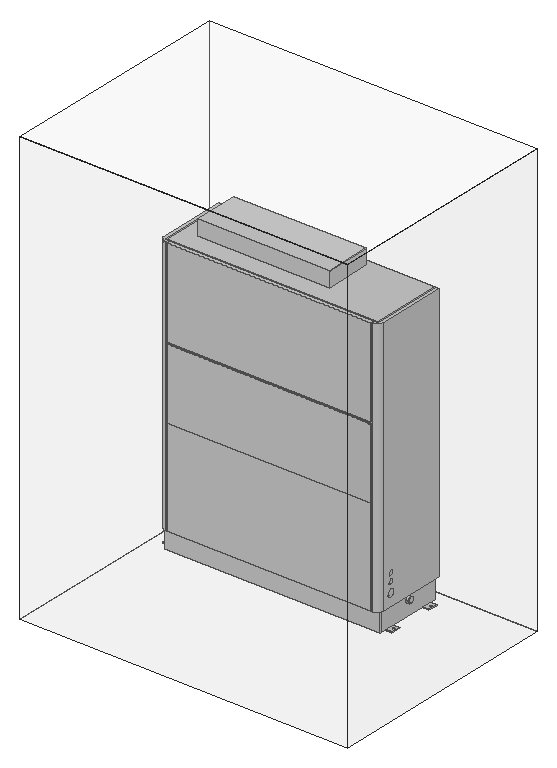
Revit family "kfh(v)(rf)-p2_10a(1)_50Hz", category 機械設備, Revit 2019
Family settings
  丸型コネクタ寸法 = 直径を使用
  パーツ タイプ = 標準
  OmniClass 番号 = 23.75.10.24.21.27.27
  OmniClass タイトル = Split System Air Conditioning Units
  作業面ベース = いいえ
  常に垂直 = はい
  ロード時にボイドで切り取り = いいえ
  共有 = いいえ
  部屋計算ポイント = いいえ
Parameters (values of type "KFH-P10A1")
  風量（m3／min） = 90
  風量 = MAX風量  # 5400 m³/h
  音響パワーレベル(dB) = 62.5
  電源高 = 210.00 mm
  電源種別 = ""
  電源幅 = 710.00 mm
  電源奥 = 389.00 mm
  電圧_電気ヒーター = 0 V
  電圧 = 200 V
  電動機出力_送風機 = 1.5 kW
  電動機出力_圧縮機 = 7.5 kW
  除湿量 = 24.2
  配管高さ = 161.00 mm
  配管接続2 = no
  配管接続1 = no
  配管奥行 = 107.00 mm
  運転質量 = 0.00 kg
  連動 = ""
  質量 = if(製品質量 > 運転質量, 製品質量, 運転質量) * 1.2  # 339.60 kg
  負荷分類 = 3_ファン類
  説明 = "産業用除湿機 産業用 除湿専用形 床置き"
  設計暖房能力 [instance] = 0 kW
  設計冷房能力_顕熱 [instance] = 0 kW
  設計冷房能力 [instance] = 0 kW
  設置方法 = "床置形"
  記号 [instance] = ""
  製造元 = "三菱電機株式会社"
  製品質量 = 283.00 kg
  製品出荷対象 = "国内"
  製品リリース年月 = "2016/7/1"
  製品グループ = ""
  給気1 = yes
  系統 [instance] = ""
  符号 = "ACC"
  積算_科目 = "1 空気調和設備"
  積算_拾い区分 [instance] = ""
  相_電気ヒーター = 1
  相 = 3
  盤記号 [instance] = ""
  発停方法 = "付属スイッチ"
  特殊仕様 [instance] = ""
  火災停止 = ""
  消費電力_電気ヒーター = 0 kW
  消費電力_暖房 = 0 kW
  消費電力_加湿器 = 0 kW
  消費電力_冷房 = 0 kW
  消費電力 = 9.3 kW
  法定耐用年数 = "15"
  機械基礎質量 [instance] = 0.00 kg
  機械基礎_W = 0.00 mm
  機械基礎_H = 0.00 mm
  機械基礎_D = 0.00 mm
  機械基礎 [instance] = no
  機外静圧 = 0.0 Pa
  極数 = 3
  材質 [instance] = ""
  本体マテリアル = none
  有効加湿量 = 0
  最大電流値 = 0 A
  暖房能力 = 0 kW
  推奨ブレーカー容量 = 0 A
  据付-W = 1454.00 mm
  据付-D = 300.00 mm
  形式_加湿器 = ""
  形式 = "床置き除湿専用形"
  形名 = KFH(RF)-P10A1 : KFH-P10A1
  幹線記号 [instance] = ""
  始動方式 = "直入"
  呼称 = "産業用除湿機"
  周波数 = 50 Hz
  吸込口-高2 = 0.00 mm
  吸込口-高1 = 558.00 mm
  吸込口-高 = 460.00 mm
  吸込口-幅 = 1320.00 mm
  台数_手元リモコン [instance] = ""
  台数_冷媒分岐ユニット [instance] = ""
  参照している仕様書等のバージョン = ""
  加湿給水管径 = 0.00 mm
  前吸込-高さ位置 = 755.00 mm
  分類コード = "50059003100000"
  分類グループ = ""
  冷房能力 = 0 kW
  冷媒高低圧ガス管径 = 0.00 mm
  冷媒管径符号 = ""
  冷媒管径 = 100.00 mm
  冷媒液管径 = 0.00 mm
  冷媒ガス管径 = 0.00 mm
  価格 = 0
  企業コード = "108420"
  付属品_フィルター = ""
  付属品 [instance] = ""
  仕様書バージョン = "Version1.0"
  モデル = "KFH-P10A1"
  ドレン管径 = 42.70 mm
  ドレン2-高さ = 630.00 mm
  ドレン2-奥行 = 107.00 mm
  ドレン-高さ = 102.00 mm
  ドレン-幅 = 718.00 mm
  ドレン-奥行 = 235.00 mm
  ドレン(no.2)-高さ = 630.00 mm
  ドレン(no.2)-径 = 42.70 mm
  ドレン(no.2)-奥行 = 107.00 mm
  サービススペース = yes
  コメント [instance] = ""
  Keynote = ""
  Width = 1420.00 mm
  Version = ""
  Uniclass2015Version = "Systems v1.9"
  Uniclass2015Title = "Air handling units"
  Uniclass2015Code = "Pr_60_65_03_86"
  URL = "https://www.mitsubishielectric.co.jp/ldg/wink/qr/002/268673/"
  S寸法 = 0.00 mm
  SpecificationReference = ""
  SpecificationDescription = ""
  Revision = ""
  ProductInformation = ""
  OmniClassCode = "23-33-25 00"
  MAX風量 = 風量（m3／min） * 60 m³/h  # 5400 m³/h
  IfcTypeProduct = ""
  IfcProduct = ""
  IfcExportType = "AIRHANDLER"
  IfcExportAs = "IfcUnitaryEquipmentType"
  Height = 1800.00 mm
  Depth = 485.00 mm
  Clearance Top = 1000.00 mm
  Clearance Right = 600.00 mm
  Clearance Left = 100.00 mm
  Clearance Front = 1000.00 mm
  Clearance Back = 50.00 mm
  COP = 0
  Author = "三菱電機株式会社"
Types (10, lengths in mm): name | 風量（m3／min） | 風量 | 音響パワーレベル(dB) | 電源高 | 電源幅 | 電源奥 | 電動機出力_送風機 | 電動機出力_圧縮機 | 除湿量 | 配管接続2 | 配管接続1 | 配管奥行 | 質量 | 説明 | 製品質量 | 製品リリース年月 | 給気1 | 消費電力 | 据付-W | 据付-D | 形式 | 形名 | 吸込口-高 | 吸込口-幅 | 前吸込-高さ位置 | 冷媒管径符号 | 冷媒液管径 | 冷媒ガス管径 | モデル | ドレン管径 | ドレン2-高さ | ドレン2-奥行 | ドレン-高さ | ドレン-幅 | ドレン-奥行 | ドレン(no.2)-高さ | ドレン(no.2)-径 | ドレン(no.2)-奥行 | Width | URL | MAX風量 | Height | Depth | Clearance Back
  KFH-P3A1 | 25 | 1500 m³/h | 49 | 130.00 | 320.00 | 385.00 | 0.2 kW | 2.2 kW | 7.1 | no | no | 107.00 | 162.00 kg | "産業用除湿機 産業用 除湿専用形 床置き" | 135.00 kg | "2016/7/1" | no | 2.1 kW | 674.00 | 170.00 | "床置き除湿専用形" | KFH(RF)-P2,3A1 : KFH-P3A1 | 420.00 | 430.00 | 616.00 | "" | 0.00 | 0.00 | "KFH-P3A1" | 34.00 | 505.00 | 92.00 | 30.00 | 333.00 | 235.00 | 505.00 | 34.00 | 92.00 | 640.00 | "https://www.mitsubishielectric.co.jp/ldg/wink/qr/002/268669/" | 1500 m³/h | 1550.00 | 485.00 | 50.00
  KFH-P5A1 | 70 | 4200 m³/h | 61 | 130.00 | 490.00 | 385.00 | 0.64 kW | 3.7 kW | 14.6 | no | no | 107.00 | 228.00 kg | "産業用除湿機 産業用 除湿専用形 床置き" | 190.00 kg | "2016/7/1" | no | 4.1 kW | 430.00 | 170.00 | "床置き除湿専用形" | KFH(RF)-P5A1 : KFH-P5A1 | 420.00 | 870.00 | 616.00 | "" | 0.00 | 0.00 | "KFH-P5A1" | 34.00 | 505.00 | 92.00 | 30.00 | 512.00 | 235.00 | 505.00 | 34.00 | 92.00 | 980.00 | "https://www.mitsubishielectric.co.jp/ldg/wink/qr/002/268671/" | 4200 m³/h | 1650.00 | 485.00 | 50.00
  KFHV-P7A | 86 | 5160 m³/h | 64 | 121.00 | 600.00 | 346.00 | 0.64 kW | 5.2 kW | 20.8 | no | no | 107.00 | 303.60 kg | "産業用除湿機 産業用 除湿専用形 床置き" | 253.00 kg | "2019/11/26" | no | 6 kW | 430.00 | 170.00 | "床置き除湿専用形" | KFHV-P7_9A : KFHV-P7_9A | 420.00 | 1090.00 | 778.00 | "" | 0.00 | 0.00 | "KFHV-P7A" | 42.70 | 601.00 | 108.00 | 26.00 | 622.00 | 236.00 | 601.00 | 42.70 | 108.00 | 1200.00 | "https://www.mitsubishielectric.co.jp/ldg/wink/qr/002/303916/" | 5160 m³/h | 1883.00 | 484.00 | 0.00
  KFHV-P9A | 86 | 5160 m³/h | 64 | 121.00 | 600.00 | 346.00 | 0.64 kW | 7.1 kW | 26.1 | no | no | 107.00 | 303.60 kg | "産業用除湿機 産業用 除湿専用形 床置き" | 253.00 kg | "2019/11/26" | no | 8.7 kW | 430.00 | 170.00 | "床置き除湿専用形" | KFHV-P7_9A : KFHV-P7_9A | 420.00 | 1090.00 | 778.00 | "" | 0.00 | 0.00 | "KFHV-P9A" | 42.70 | 601.00 | 108.00 | 26.00 | 622.00 | 236.00 | 601.00 | 42.70 | 108.00 | 1200.00 | "https://www.mitsubishielectric.co.jp/ldg/wink/qr/002/303918/" | 5160 m³/h | 1883.00 | 484.00 | 0.00
  KFH-P10A1 | 90 | 5400 m³/h | 62.5 | 210.00 | 710.00 | 389.00 | 1.5 kW | 7.5 kW | 24.2 | no | no | 107.00 | 339.60 kg | "産業用除湿機 産業用 除湿専用形 床置き" | 283.00 kg | "2016/7/1" | yes | 9.3 kW | 1454.00 | 300.00 | "床置き除湿専用形" | KFH(RF)-P10A1 : KFH-P10A1 | 460.00 | 1320.00 | 755.00 | "" | 0.00 | 0.00 | "KFH-P10A1" | 42.70 | 630.00 | 107.00 | 102.00 | 718.00 | 235.00 | 630.00 | 42.70 | 107.00 | 1420.00 | "https://www.mitsubishielectric.co.jp/ldg/wink/qr/002/268673/" | 5400 m³/h | 1800.00 | 485.00 | 50.00
  RF-P5A1 | 70 | 4200 m³/h | 61 | 130.00 | 490.00 | 385.00 | 0.64 kW | 3.7 kW | 14.2 | yes | no | 104.00 | 256.80 kg | "産業用除湿機 産業用 冷却機能付形 床置き" | 214.00 kg | "2016/7/1" | no | 4.3 kW | 430.00 | 170.00 | "床置き冷却機能付形" | KFH(RF)-P5A1 : RF-P5A1 | 420.00 | 870.00 | 616.00 | "Cd" | 12.70 | 15.88 | "RF-P5A1" | 34.00 | 505.00 | 92.00 | 30.00 | 512.00 | 235.00 | 505.00 | 34.00 | 92.00 | 980.00 | "https://www.mitsubishielectric.co.jp/ldg/wink/qr/002/268681/" | 4200 m³/h | 1650.00 | 485.00 | 50.00
  RF-P2A1 | 22 | 1320 m³/h | 52 | 130.00 | 320.00 | 385.00 | 0.06 kW | 1.5 kW | 5.5 | yes | no | 107.00 | 151.20 kg | "産業用除湿機 産業用 冷却機能付形 床置き" | 126.00 kg | "2016/7/1" | no | 1.6 kW | 674.00 | 170.00 | "床置き冷却機能付形" | KFH(RF)-P2,3A1 : RF-P2A1 | 420.00 | 430.00 | 616.00 | "Bc" | 9.52 | 12.70 | "RF-P2A1" | 34.00 | 505.00 | 92.00 | 30.00 | 333.00 | 235.00 | 505.00 | 34.00 | 92.00 | 640.00 | "https://www.mitsubishielectric.co.jp/ldg/wink/qr/002/268677/" | 1320 m³/h | 1550.00 | 485.00 | 50.00
  RF-P3A1 | 25 | 1500 m³/h | 49 | 130.00 | 320.00 | 385.00 | 0.2 kW | 2.2 kW | 7.8 | yes | no | 107.00 | 181.20 kg | "産業用除湿機 産業用 冷却機能付形 床置き" | 151.00 kg | "2016/7/1" | no | 2.2 kW | 430.00 | 170.00 | "床置き冷却機能付形" | KFH(RF)-P2,3A1 : RF-P3A1 | 420.00 | 430.00 | 616.00 | "Bc" | 9.52 | 12.70 | "RF-P3A1" | 34.00 | 505.00 | 92.00 | 30.00 | 333.00 | 235.00 | 505.00 | 34.00 | 92.00 | 640.00 | "https://www.mitsubishielectric.co.jp/ldg/wink/qr/002/268679/" | 1500 m³/h | 1550.00 | 485.00 | 50.00
  RF-P10A1 | 90 | 5400 m³/h | 62.5 | 210.00 | 710.00 | 389.00 | 1.5 kW | 7.5 kW | 21.1 | no | yes | 107.00 | 352.80 kg | "産業用除湿機 産業用 冷却機能付形 床置き" | 294.00 kg | "2016/7/1" | yes | 10.2 kW | 430.00 | 170.00 | "床置き冷却機能付形" | KFH(RF)-P10A1 : RF-P10A1 | 460.00 | 1320.00 | 755.00 | "De" | 15.88 | 19.05 | "RF-P10A1" | 42.70 | 630.00 | 107.00 | 102.00 | 718.00 | 235.00 | 630.00 | 42.70 | 107.00 | 1420.00 | "https://www.mitsubishielectric.co.jp/ldg/wink/qr/002/268683/" | 5400 m³/h | 1800.00 | 485.00 | 50.00
  KFH-P2A1 | 22 | 1320 m³/h | 52 | 130.00 | 320.00 | 385.00 | 0.06 kW | 1.5 kW | 5.5 | no | no | 107.00 | 136.80 kg | "産業用除湿機 産業用 除湿専用形 床置き" | 114.00 kg | "2016/7/1" | no | 1.4 kW | 674.00 | 170.00 | "床置き除湿専用形" | KFH(RF)-P2,3A1 : KFH-P2A1 | 420.00 | 430.00 | 616.00 | "" | 0.00 | 0.00 | "KFH-P2A1" | 34.00 | 505.00 | 92.00 | 30.00 | 333.00 | 235.00 | 505.00 | 34.00 | 92.00 | 640.00 | "https://www.mitsubishielectric.co.jp/ldg/wink/qr/002/268667/" | 1320 m³/h | 1550.00 | 485.00 | 50.00
Reference planes
  plane 1: z = 0
  plane 2: z = 1800
  plane 3: z = 0
  plane 4: z = 2800
  plane 5 "中心(正面/背面)": y = -242.5
  plane 6 "中心(左/右)": x = 0
  plane 7 "左": x = -710
  plane 8 "右": x = 710
  plane 9 "正面": y = -485
  plane 10 "背面": y = 0
  plane 11: y = 0
  plane 12: x = -710
  plane 13: y = -485
  plane 14: y = 50
  plane 15: y = -1485
  plane 16: x = -810
  plane 17: x = 1310
  plane 18 "unit_right": x = 710
  plane 19: x = 660
  plane 20: x = -660
  plane 21: y = -55
  plane 22: y = -355
  plane 23: x = 320
  plane 24: y = -389
  plane 25: z = 210
  plane 26: z = 755
  plane 27: x = 718
  plane 28: y = -235
  plane 29: z = 102
  plane 30: z = 1215
  plane 31: x = 544
  plane 32: z = 161
  plane 33: y = -107
  plane 34: z = 630
  plane 35: y = -107
  plane 36: z = 630
Forms (mm)
  Extrusion 1, solid
    sketch origin (710, 1041.25, 1200) x (0, 1, 0) y (0, 0, 1)
      loop
        circle (-1430.25, -990) r 21.5
    from 0 to -1
  Extrusion 2, solid
    sketch origin (718, -1524, 2438.4) x (0, 0, 1) y (0, -1, 0)
      loop
        circle (-2336.4, -1289) r 17
    from 0 to -1
  Extrusion 3, solid
    sketch origin (1480.036, -485, 1200) x (1, 0, 0) y (0, 0, 1)
      loop
        line (-2140.036, 15) -> (-2140.036, -445) -> (-820.036, -445) -> (-820.036, 15) -> (-2140.036, 15)
    from -4 to -5
  Extrusion 4, solid, visible <- "給気1"
    sketch origin (0, 0, 0) x (1, 0, 0) y (0, 1, 0)
      loop
        line (-583, -39) -> (-583, -334) -> (272, -334) -> (272, -39) -> (-583, -39)
    from 1895 to 1898
  Extrusion 5, solid, visible <- "配管接続1"
    sketch origin (710, 1041.25, 1200) x (0, 1, 0) y (0, 0, 1)
      loop
        circle (-1199.75, -975) r 50
    from 0 to -100
  Extrusion 6, solid, visible <- "配管接続2"
    sketch origin (1480.036, -485, 1200) x (1, 0, 0) y (0, 0, 1)
      loop
        circle (-716.036, -1039) r 50
    from -278 to -378
  Extrusion 7, solid, not visible
    sketch origin (710, 1041.25, 1200) x (0, 1, 0) y (0, 0, 1)
      loop
        circle (-1148.25, -570) r 21.35
    from 0 to -3
Dimensions and locks
  "Height": plane 2 to plane 3
  "Clearance Top": plane 4 to plane 2
  "機械基礎_H": plane 3 to plane 1
  equal spacing: plane 7 "左", plane 6 "中心(左/右)", plane 8 "右"
  "Width": plane 7 "左" to plane 8 "右"
  equal spacing: plane 9 "正面", plane 5 "中心(正面/背面)", plane 10 "背面"
  "Depth": plane 9 "正面" to plane 10 "背面"
  "S寸法": plane 10 "背面" to plane 11
  "S寸法": plane 13 to plane 9 "正面"
  "S寸法": plane 12 to plane 7 "左"
  "Clearance Left": plane 16 to plane 7 "左"
  "Clearance Right": plane 8 "右" to plane 17
  "Clearance Front": plane 15 to plane 9 "正面"
  "Clearance Back": plane 10 "背面" to plane 14
  "S寸法": plane 8 "右" to plane 18 "unit_right"
  "据付-D": plane 22 to plane 21
  "電源幅": plane 18 "unit_right" to plane 6 "中心(左/右)"
  "電源高": plane 25 to level
  "電源奥": plane 24 to plane 11
  "前吸込-高さ位置": plane 26 to level
  "ドレン-幅": plane 27 to plane 6 "中心(左/右)"
  "ドレン-奥行": plane 28 to plane 11
  "ドレン-高さ": plane 29 to level
  "吸込口-高": plane 30 to plane 26
  equal spacing: plane 20, plane 6 "中心(左/右)", plane 19
  "吸込口-幅": plane 20 to plane 19
  Extrusion 4 sketch curve to Extrusion 4 sketch curve to plane 11 = 295.00 mm, 39.00 mm
  plane 12 to Extrusion 4 sketch curve to Extrusion 4 sketch curve = 127.00 mm, 855.00 mm
  Extrusion 5 sketch curve to level = 225.00 mm
  Extrusion 5 sketch curve to plane 11 = 158.50 mm
  "配管高さ": Extrusion 6 sketch curve to plane 3
  Extrusion 6 sketch curve to plane 18 "unit_right" = 54.00 mm
  "配管奥行": plane 33 to plane 11
  "ドレン(no.2)-奥行": plane 35 to plane 11
  "ドレン(no.2)-高さ": plane 36 to level
  "ドレン(no.2)-径": diameter of Extrusion 7 sketch curve
  aligned and locked: level to plane 1
  aligned and locked: plane 6 "中心(左/右)" to nested 1
  aligned and locked: plane 5 "中心(正面/背面)" to nested 1
  aligned and locked: plane 4 to nested 2
  aligned and locked: plane 15 to nested 2
  aligned and locked: nested 2 to plane 16
  aligned and locked: plane 17 to nested 2
  aligned and locked: nested 2 to plane 14
  aligned and locked: plane 25 to Extrusion 1 sketch curve
  aligned and locked: plane 24 to Extrusion 1 sketch curve
  aligned and locked: Extrusion 3 sketch curve to plane 30
  aligned and locked: Extrusion 3 sketch curve to plane 20
  aligned and locked: plane 19 to Extrusion 3 sketch curve
  aligned and locked: Extrusion 6 to plane 33
  aligned and locked: plane 36 to Extrusion 7 sketch curve
  aligned and locked: plane 35 to Extrusion 7 sketch curve
Automatic sketch dimensions
  Extrusion 1 sketch curve to plane 25 = 0.00 mm  (x2)
  plane 24 to Extrusion 1 sketch curve = 21.50 mm
  Extrusion 2 sketch curve to plane 28 = 0.00 mm
  plane 29 to Extrusion 2 sketch curve = 0.00 mm
  Extrusion 3 sketch curve to plane 26 = 0.00 mm
  radius of Extrusion 2 sketch curve = 17.00 mm
  radius of Extrusion 5 sketch curve = 50.00 mm
  radius of Extrusion 6 sketch curve = 50.00 mm
Nested families
  nested 1: "KFH(RF)-P10A1" at (0, -242.5, 0), type <- "形名", マテリアル1 <- "本体マテリアル", type "KFH-P10A1"
  nested 2: "サービススペース(kfh-a1)" at (250, -717.5, 1400), visible <- "サービススペース", type "サービススペース(kfh-a1)"
    with Width 2120.00 mm, Height 2800.00 mm, Depth 1535.00 mm
Connectors
  electrical at (710, -389, 210), driven by "極数", driven by "負荷分類", driven by "電圧", driven by "消費電力"
    settings: on Extrusion 1, index 23, voltage 200 V, apparent load 9300 VA, apparent load phase1 0 VA, apparent load phase2 0 VA, apparent load phase3 0 VA, power factor 1, load classification "3_ファン類", number of poles 3, system type 30, power factor state 1, is connector primary yes, connector utility no, sub classification motor no, connector description ""
  piping at (718, -235, 102), diameter 34
    settings: on Extrusion 2, index 29, connector inside diameter 609.60 mm, connector length 0.00 mm, flow factor 0, pipe flow 0.0 L/s, pressure drop 0.0 Pa, fitting loss kfactor 0, connector angle 0.00°, fixture units 0, engagement length 0.00 mm, angle of deflection 0.00°, flow configuration 1, flow direction 2, fitting loss method 4, system type 16, joint type 0, gender type 0, connector reference index -1, connector utility 0, adjustable connector no, is connector primary yes, connector description ""
  hvac at (0, -481, 985), driven by "吸込口-高", driven by "吸込口-幅", driven by "風量"
    settings: on Extrusion 3, index 30, duct flow 5400 m³/h, flow factor 0, pres drop 0.0 Pa, loss coef 0, conn angle 0.00°, conn width 1320 mm, conn height 460 mm, conn diameter 609.6 mm, duct sys type 29, conn prof type 1, flow config 0, flow direction 1, loss method 4, conn ref index -1, conn util no, is conn primary yes, conn desc ""
  hvac at (-155.5, -186.5, 1898), driven by "風量", driven by "機外静圧"
    settings: on Extrusion 4, index 31, duct flow 5400 m³/h, flow factor 0, pres drop 0.0 Pa, loss coef 0, conn angle 0.00°, conn width 855 mm, conn height 296 mm, conn diameter 609.6 mm, duct sys type 29, conn prof type 1, flow config 0, flow direction 2, loss method 4, conn ref index -1, conn util no, is conn primary no, conn desc ""
  piping at (764, -107, 161), diameter 100, driven by "冷媒管径符号", driven by "冷媒管径"
    settings: on Extrusion 6, index 33, connector inside diameter 609.60 mm, connector length 0.00 mm, flow factor 0, pipe flow 0.0 L/s, pressure drop 0.0 Pa, fitting loss kfactor 0, connector angle 0.00°, fixture units 0, engagement length 0.00 mm, angle of deflection 0.00°, flow configuration 1, flow direction 1, fitting loss method 4, system type 7, joint type 0, gender type 0, connector reference index -1, connector utility 0, adjustable connector no, is connector primary no, connector description ""
  piping at (710, -158.5, 225), diameter 100, driven by "冷媒管径符号", driven by "冷媒管径"
    settings: on Extrusion 5, index 34, connector inside diameter 609.60 mm, connector length 0.00 mm, flow factor 0, pipe flow 0.0 L/s, pressure drop 0.0 Pa, fitting loss kfactor 0, connector angle 0.00°, fixture units 0, engagement length 0.00 mm, angle of deflection 0.00°, flow configuration 1, flow direction 1, fitting loss method 4, system type 7, joint type 0, gender type 0, connector reference index -1, connector utility 0, adjustable connector no, is connector primary no, connector description ""
  piping at (710, -107, 630), diameter 42.7, driven by "ドレン管径"
    settings: on Extrusion 7, index 35, connector inside diameter 609.60 mm, connector length 0.00 mm, flow factor 0, pipe flow 0.0 L/s, pressure drop 0.0 Pa, fitting loss kfactor 0, connector angle 0.00°, fixture units 0, engagement length 0.00 mm, angle of deflection 0.00°, flow configuration 1, flow direction 2, fitting loss method 4, system type 16, joint type 0, gender type 0, connector reference index -1, connector utility 0, adjustable connector no, is connector primary no, connector description ""
Definition of nested family "KFH(RF)-P10A1"
  Parameters (values of type "RF-P10A1")
    高 = 1800.00 mm
    表示 [instance] = yes
    据付穴-幅 = 1454.00 mm
    据付穴-奥行 = 300.00 mm
    据付 = 1482.00 mm
    幅 = 1420.00 mm
    奥行 = 485.00 mm
    土台-幅 = 1392.00 mm
    冷媒配管 = yes
    マテリアル2 [instance] = none
    マテリアル1 [instance] = none
  Types (2, lengths in mm): name | 冷媒配管
    KFH-P10A1 | no
    RF-P10A1 | yes
  Reference planes
    plane 1 "中心(正面/背面)": y = 0
    plane 2: z = 0
    plane 3 "中心(左/右)": x = 0
    plane 4: x = 710
    plane 5: x = -710
    plane 6: y = 242.5
    plane 7: y = -242.5
    plane 8: z = 1800
    plane 9: y = 157.5
    plane 10: y = -142.5
    plane 11: y = 187.5
    plane 12: y = 127.5
    plane 13: y = -112.5
    plane 14: y = -172.5
    plane 15: x = -741
    plane 16: x = 741
    plane 17: x = -727
    plane 18: x = 727
    plane 19: y = 7.5
    plane 20: y = 117.5
    plane 21: y = 135.5
    plane 22: x = -696
    plane 23: x = 696
    plane 24: y = 230.5
    plane 25: y = -216.5
    plane 26 "A-幅": x = -583
    plane 27 "A-幅右": x = 272
    plane 28 "A-奥行": y = 203.5
    plane 29 "A-奥行下": y = -92.5
    plane 30 "B_高さ2": z = 674
    plane 31 "B_高さ1": z = 919
    plane 32 "B_幅1": x = 673
    plane 33 "B_幅2": x = -673
    plane 34: z = 130
    plane 35: z = 755
    plane 36: z = 1225
    plane 37: z = 1898
    plane 38: z = 224
    plane 39: z = 226
    plane 40: y = 126.5
    plane 41: y = 41.5
  Forms (mm)
    Extrusion 1, solid, material <- "マテリアル1", visible <- "表示", detail levels fine
      sketch origin (0, 0, -400) x (1, 0, 0) y (0, 1, 0)
        loop
          line (660, -218.5) -> (-660, -218.5) -> (-660, -242.5) -> (660, -242.5) -> (660, -218.5)
      from 1625 to 2200
    Extrusion 2, solid, material <- "マテリアル1", visible <- "表示", detail levels fine
      sketch origin (0, 0, -800) x (1, 0, 0) y (0, 1, 0)
        loop
          line (-660, -242.5) -> (660, -242.5) -> (660, -218.5) -> (-660, -218.5) -> (-660, -242.5)
      from 1555 to 2015
    Extrusion 3, solid, material <- "マテリアル2", visible <- "表示", detail levels fine
      sketch origin (0, 0, 0) x (1, 0, 0) y (0, 1, 0)
        loop
          line (696, 187.5) -> (696, 127.5) -> (741, 127.5) -> (741, 187.5) -> (696, 187.5)
        loop
          line (696, -112.5) -> (696, -172.5) -> (741, -172.5) -> (741, -112.5) -> (696, -112.5)
        loop
          line (-741, 187.5) -> (-741, 127.5) -> (-696, 127.5) -> (-696, 187.5) -> (-741, 187.5)
        loop
          line (-741, -112.5) -> (-741, -172.5) -> (-696, -172.5) -> (-696, -112.5) -> (-741, -112.5)
        loop
          circle (-727, 157.5) r 6
        loop
          circle (727, 157.5) r 6
        loop
          circle (727, -142.5) r 6
        loop
          circle (-727, -142.5) r 6
      from 0 to 5
    Extrusion 4, solid, material <- "マテリアル1", visible <- "表示", detail levels fine
      sketch origin (-1437.329, -1524, 1748) x (-1, 0, 0) y (0, -1, 0)
        loop
          line (-727.329, -1766.5) -> (-727.329, -1321.5)
          arc (-727.329, -1321.5) -> (-739.045, -1293.216) -> (-767.329, -1281.5) r 40
          line (-767.329, -1281.5) -> (-777.329, -1281.5) -> (-777.329, -1305.5) -> (-752.329, -1305.5) -> (-752.329, -1766.5) -> (-727.329, -1766.5)
        loop
          line (-2122.329, -1766.5) -> (-2122.329, -1305.5) -> (-2097.329, -1305.5) -> (-2097.329, -1281.5) -> (-2107.329, -1281.5)
          arc (-2107.329, -1281.5) -> (-2135.614, -1293.216) -> (-2147.329, -1321.5) r 40
          line (-2147.329, -1321.5) -> (-2147.329, -1766.5) -> (-2122.329, -1766.5)
      from -1618 to 52
    Extrusion 5, solid, material <- "マテリアル1", visible <- "表示", detail levels fine
      sketch origin (-1437.329, -1524, 1748) x (-1, 0, 0) y (0, -1, 0)
        loop
          line (-2122.329, -1766.5) -> (-752.329, -1766.5) -> (-752.329, -1305.5) -> (-2122.329, -1305.5) -> (-2122.329, -1766.5)
      from -1618 to 52
    Extrusion 6, solid, material <- "マテリアル2", visible <- "表示", detail levels fine
      sketch origin (-1437.329, -1524, 1748) x (-1, 0, 0) y (0, -1, 0)
        loop
          line (-741.329, -1766.5) -> (-741.329, -1321.5)
          arc (-741.329, -1321.5) -> (-753.045, -1293.216) -> (-781.329, -1281.5) r 40
          line (-781.329, -1281.5) -> (-2093.329, -1281.5)
          arc (-2093.329, -1281.5) -> (-2121.614, -1293.216) -> (-2133.329, -1321.5) r 40
          line (-2133.329, -1321.5) -> (-2133.329, -1766.5) -> (-741.329, -1766.5)
      from -1748 to -1618
    Extrusion 7, solid, material <- "マテリアル1", visible <- "表示", detail levels fine
      sketch origin (0, 0, -1320) x (1, 0, 0) y (0, 1, 0)
        loop
          line (-660, -242.5) -> (660, -242.5) -> (660, -218.5) -> (-660, -218.5) -> (-660, -242.5)
      from 1450 to 2075
    Extrusion 8, solid, detail levels fine
      sketch origin (710, 1292.25, 1200) x (0, 1, 0) y (0, 0, 1)
        loop
          circle (-1438.75, -990) r 21.5
        loop
          circle (-1438.75, -925) r 13.5
        loop
          circle (-1438.75, -875) r 13.5
      from -1 to 0
    Extrusion 9, solid, detail levels fine
      sketch origin (696, -202.5, 1748) x (0, 1, 0) y (0, 0, 1)
        loop
          circle (210, -1646) r 17
      from 0 to 22
    Extrusion 10, solid, detail levels fine
      sketch origin (-696, 242.5, 1748) x (0, -1, 0) y (0, 0, 1)
        loop
          circle (235, -1646) r 19
      from 0 to 22
    Extrusion 11, solid, detail levels fine
      sketch origin (-705, 1296.25, 1200) x (0, 1, 0) y (0, 0, -1)
        loop
          circle (-1288.75, 1098) r 17
      from 13 to 16
    Extrusion 12, solid, detail levels fine
      sketch origin (-721, 1296.25, 1200) x (0, 1, 0) y (0, 0, -1)
        loop
          line (-1279.25, 1088.5) -> (-1279.25, 1107.5) -> (-1298.25, 1107.5) -> (-1298.25, 1088.5) -> (-1279.25, 1088.5)
      from 0 to 16
    Extrusion 13, void
      sketch origin (741, 1296.25, 2000) x (0, -1, 0) y (0, 0, 1)
        loop
          line (1538.75, -1870) -> (1512.75, -1870) -> (1512.75, -2000) -> (1538.75, -2000) -> (1538.75, -1870)
        loop
          line (1053.75, -1870) -> (1053.75, -2000) -> (1065.75, -2000) -> (1065.75, -1870) -> (1053.75, -1870)
      from 0 to 1482
    Extrusion 14, solid, detail levels fine
      sketch origin (0, 0, 1800) x (1, 0, 0) y (0, 1, 0)
        loop
          line (-583, 203.5) -> (-583, -92.5) -> (272, -92.5) -> (272, 203.5) -> (-583, 203.5)
      from 0 to 98
    Extrusion 15, solid, detail levels fine
      sketch origin (-710, 1292.25, 1200) x (0, 1, 0) y (0, 0, -1)
        loop
          circle (-1438.75, 990) r 21.5
        loop
          circle (-1438.75, 925) r 13.5
        loop
          circle (-1438.75, 875) r 13.5
      from -1 to 0
    Extrusion 16, solid, detail levels fine
      sketch origin (-710, 1296.25, 1200) x (0, 1, 0) y (0, 0, -1)
        loop
          circle (-1160.75, 570) r 21.35
      from -1 to 0
    Extrusion 17, solid, detail levels coarse+medium
      sketch origin (0, 0, 0) x (1, 0, 0) y (0, 1, 0)
        loop
          line (-710, 242.5) -> (-710, -242.5) -> (710, -242.5) -> (710, 242.5) -> (-710, 242.5)
      from 0 to 1898
    Extrusion 18, solid, visible <- "冷媒配管", detail levels fine
      sketch origin (710, 1296.25, 1200) x (0, 1, 0) y (0, 0, 1)
        loop
          circle (-1254.75, -976) r 7.94
        loop
          circle (-1169.75, -974) r 9.525
      from 0 to -1
    Extrusion 19, solid, detail levels fine
      sketch origin (635, -242.5, -400) x (-1, 0, 0) y (0, 0, -1)
        loop
          line (1295, -1615) -> (1295, -1155) -> (-25, -1155) -> (-25, -1615) -> (1295, -1615)
      from 0 to -1
  Cuts and joins
    Extrusion 13 cuts Extrusion 4
    Extrusion 13 cuts Extrusion 5
    Extrusion 13 cuts Extrusion 6
    Extrusion 13 cuts Extrusion 7
  Lines and regions (mm)
    Masking region 1, visible <- "表示", detail levels coarse+medium
      outline origin (0, 0, 0) x (1, 0, 0) y (0, 1, 0)
        loop
          line (-710, 242.5) -> (-710, -242.5) -> (710, -242.5) -> (710, 242.5) -> (-710, 242.5)
    symbolic lines, visible <- "表示"
      curve 1: line (-710, 242.5, 1748) -> (-710, -242.5, 1748)
      curve 2: line (-710, -242.5, 1748) -> (710, -242.5, 1748)
      curve 3: line (710, -242.5, 1748) -> (710, 242.5, 1748)
      curve 4: line (710, 242.5, 1748) -> (-710, 242.5, 1748)
    model lines, detail levels fine
      curve 5: line (660, -242.5, 1195) -> (-660, -242.5, 1195)
      curve 6: line (660, -242.5, 1175) -> (-660, -242.5, 1175)
      curve 7: line (660, -242.5, 1155) -> (-660, -242.5, 1155)
      curve 8: line (660, -242.5, 1135) -> (-660, -242.5, 1135)
      curve 9: line (660, -242.5, 1115) -> (-660, -242.5, 1115)
      curve 10: line (660, -242.5, 1095) -> (-660, -242.5, 1095)
      curve 11: line (660, -242.5, 1075) -> (-660, -242.5, 1075)
      curve 12: line (660, -242.5, 1055) -> (-660, -242.5, 1055)
      curve 13: line (660, -242.5, 1035) -> (-660, -242.5, 1035)
      curve 14: line (660, -242.5, 1015) -> (-660, -242.5, 1015)
      curve 15: line (660, -242.5, 995) -> (-660, -242.5, 995)
      curve 16: line (660, -242.5, 975) -> (-660, -242.5, 975)
      curve 17: line (660, -242.5, 955) -> (-660, -242.5, 955)
      curve 18: line (660, -242.5, 935) -> (-660, -242.5, 935)
      curve 19: line (660, -242.5, 915) -> (-660, -242.5, 915)
      curve 20: line (660, -242.5, 895) -> (-660, -242.5, 895)
      curve 21: line (660, -242.5, 875) -> (-660, -242.5, 875)
      curve 22: line (660, -242.5, 855) -> (-660, -242.5, 855)
      curve 23: line (660, -242.5, 835) -> (-660, -242.5, 835)
      curve 24: line (660, -242.5, 815) -> (-660, -242.5, 815)
      curve 25: line (660, -242.5, 795) -> (-660, -242.5, 795)
      curve 26: line (660, -242.5, 775) -> (-660, -242.5, 775)
      curve 27: line (-440, -242.5, 755) -> (-440, -242.5, 1215)
      curve 28: line (-220, -242.5, 755) -> (-220, -242.5, 1215)
      curve 29: line (0, -242.5, 1215) -> (0, -242.5, 755)
      curve 30: line (220, -242.5, 755) -> (220, -242.5, 1215)
      curve 31: line (440, -242.5, 755) -> (440, -242.5, 1215)
  Dimensions and locks
    equal spacing: plane 7, plane 1 "中心(正面/背面)", plane 6
    "奥行": plane 7 to plane 6
    equal spacing: plane 5, plane 3 "中心(左/右)", plane 4
    plane 5 to plane 4 = 1420.00 mm
    "高": plane 8 to level
    equal spacing: plane 4, plane 3 "中心(左/右)", plane 5
    "幅": plane 4 to plane 5
    equal spacing: plane 15, plane 3 "中心(左/右)", plane 16
    "据付": plane 15 to plane 16
    equal spacing: plane 17, plane 3 "中心(左/右)", plane 18
    "据付穴-幅": plane 17 to plane 18
    locked: plane 9 to plane 6 at 85
    equal spacing: plane 12, plane 9, plane 11
    equal spacing: plane 14, plane 10, plane 13
    "据付穴-奥行": plane 10 to plane 9
    plane 19 to Extrusion 6 = 235.00 mm
    "土台-幅": plane 23 to plane 22
    equal spacing: plane 23, plane 3 "中心(左/右)", plane 22
    plane 34 to level = 130.00 mm
    locked: plane 35 to plane 34 at 625
    locked: plane 36 to plane 35 at 470
    plane 38 to level = 224.00 mm
    plane 39 to level = 226.00 mm
    plane 41 to plane 40 = 85.00 mm
    plane 40 to Extrusion 17 = 116.00 mm
    radius of Extrusion 4 sketch curve = 40.00 mm  (x2)
    diameter of Extrusion 3 sketch curve = 12.00 mm  (x4)
    diameter of Extrusion 8 sketch curve = 43.00 mm
    diameter of Extrusion 8 sketch curve = 27.00 mm  (x2)
    diameter of Extrusion 10 sketch curve = 38.00 mm
    diameter of Extrusion 15 sketch curve = 43.00 mm
    diameter of Extrusion 15 sketch curve = 27.00 mm  (x2)
    diameter of Extrusion 16 sketch curve = 42.70 mm
    diameter of Extrusion 18 sketch curve = 19.05 mm
    diameter of Extrusion 18 sketch curve = 15.88 mm
    aligned and locked: level to plane 2
    aligned and locked: plane 8 to Extrusion 4
    aligned and locked: plane 8 to Extrusion 1
    aligned and locked: Extrusion 4 sketch curve to plane 7
    aligned and locked: Extrusion 5 sketch curve to plane 6
    aligned and locked: plane 8 to Extrusion 5
    aligned and locked: plane 9 to Extrusion 3 sketch curve  (x2)
    aligned and locked: plane 10 to Extrusion 3 sketch curve  (x2)
    aligned and locked: Extrusion 3 to level
    aligned and locked: Extrusion 6 sketch curve to Extrusion 5
    aligned and locked: Extrusion 6 to level
    aligned and locked: Masking region 1 sketch curve to Extrusion 6
    aligned and locked: Masking region 1 sketch curve to Extrusion 4
    aligned and locked: Masking region 1 sketch curve to plane 7
    aligned and locked: Masking region 1 sketch curve to plane 4
    aligned and locked: curve 4 to Masking region 1
    aligned and locked: Extrusion 3 sketch curve to plane 22  (x2)
    aligned and locked: plane 23 to Extrusion 3 sketch curve  (x2)
    aligned and locked: plane 28 "A-奥行" to Extrusion 14 sketch curve
    aligned and locked: plane 26 "A-幅" to Extrusion 14 sketch curve
    aligned and locked: Extrusion 14 sketch curve to plane 29 "A-奥行下"
    aligned and locked: Extrusion 14 sketch curve to plane 27 "A-幅右"
    aligned and locked: plane 35 to Extrusion 7
    aligned and locked: Extrusion 2 to plane 35
    aligned and locked: plane 13 to Extrusion 3 sketch curve
    aligned and locked: Extrusion 3 sketch curve to plane 14
    aligned and locked: Extrusion 1 to plane 36
    aligned and locked: plane 37 to Extrusion 14
    aligned and locked: plane 18 to nested 1
    aligned and locked: plane 17 to nested 1
    aligned and locked: nested 1 to plane 9
    aligned and locked: plane 10 to nested 1
  Automatic sketch dimensions
    plane 7 to Extrusion 1 sketch curve = 0.00 mm
    plane 25 to Extrusion 1 sketch curve = 2.00 mm
    Extrusion 1 sketch curve to plane 33 "B_幅2" = 13.00 mm
    plane 32 "B_幅1" to Extrusion 1 sketch curve = 13.00 mm
    plane 7 to Extrusion 2 sketch curve = 0.00 mm
    Extrusion 2 sketch curve to plane 33 "B_幅2" = 13.00 mm
    plane 25 to Extrusion 2 sketch curve = 2.00 mm
    plane 32 "B_幅1" to Extrusion 2 sketch curve = 13.00 mm
    plane 12 to Extrusion 3 sketch curve = 0.00 mm  (x2)
    Extrusion 3 sketch curve to plane 15 = 0.00 mm  (x2)
    Extrusion 3 sketch curve to plane 17 = 0.00 mm  (x2)
    Extrusion 3 sketch curve to plane 18 = 0.00 mm  (x2)
    plane 14 to Extrusion 3 sketch curve = 0.00 mm
    Extrusion 3 sketch curve to plane 16 = 0.00 mm  (x2)
    plane 13 to Extrusion 3 sketch curve = 0.00 mm
    plane 11 to Extrusion 3 sketch curve = 0.00 mm  (x2)
    curve 3 to plane 4 = 0.00 mm
    curve 2 to plane 5 = 0.00 mm
    plane 7 to curve 3 = 0.00 mm
    Extrusion 4 sketch curve to plane 4 = 0.00 mm
    plane 6 to Extrusion 4 sketch curve = 0.00 mm  (x2)
    plane 7 to Extrusion 4 sketch curve = 0.00 mm
    Extrusion 4 sketch curve to plane 5 = 0.00 mm
    plane 25 to Extrusion 4 sketch curve = 2.00 mm  (x2)
    Extrusion 4 sketch curve to plane 23 = 11.00 mm
    plane 32 "B_幅1" to Extrusion 4 sketch curve = 13.00 mm
    Extrusion 4 sketch curve to Extrusion 4 sketch curve = 10.00 mm
    plane 22 to Extrusion 4 sketch curve = 11.00 mm
    plane 25 to Extrusion 5 sketch curve = 2.00 mm
    Extrusion 5 sketch curve to plane 23 = 11.00 mm
    plane 22 to Extrusion 5 sketch curve = 11.00 mm
    Extrusion 6 sketch curve to plane 23 = 0.00 mm
    plane 7 to Extrusion 6 sketch curve = 0.00 mm
    Extrusion 6 sketch curve to plane 22 = 0.00 mm
    plane 32 "B_幅1" to Extrusion 6 sketch curve = 17.00 mm
    Extrusion 6 sketch curve to plane 33 "B_幅2" = 17.00 mm
    plane 7 to Extrusion 7 sketch curve = 0.00 mm
    Extrusion 7 sketch curve to plane 33 "B_幅2" = 13.00 mm
    plane 25 to Extrusion 7 sketch curve = 2.00 mm
    plane 32 "B_幅1" to Extrusion 7 sketch curve = 13.00 mm
    plane 10 to Extrusion 8 sketch curve = 4.00 mm  (x3)
    plane 34 to Extrusion 8 sketch curve = 80.00 mm
    Extrusion 8 sketch curve to Extrusion 8 sketch curve = 65.00 mm
    Extrusion 8 sketch curve to Extrusion 8 sketch curve = 50.00 mm
    Extrusion 6 to Extrusion 9 sketch curve = 28.00 mm
    Extrusion 6 to Extrusion 9 sketch curve = 210.00 mm
    Extrusion 6 to Extrusion 10 sketch curve = 28.00 mm
    Extrusion 6 to Extrusion 10 sketch curve = 210.00 mm
    Extrusion 11 sketch curve to plane 19 = 0.00 mm
    Extrusion 11 sketch curve to plane 34 = 28.00 mm
    Extrusion 12 sketch curve to Extrusion 12 sketch curve = 19.00 mm  (x2)
    Extrusion 13 sketch curve to level = 0.00 mm  (x2)
    Extrusion 13 sketch curve to plane 6 = 0.00 mm
    Extrusion 13 sketch curve to plane 24 = 0.00 mm
    Extrusion 13 sketch curve to plane 25 = 0.00 mm
    Extrusion 13 sketch curve to plane 7 = 0.00 mm
    Extrusion 13 sketch curve to plane 34 = 0.00 mm  (x2)
    plane 10 to Extrusion 15 sketch curve = 4.00 mm  (x3)
    plane 34 to Extrusion 15 sketch curve = 195.00 mm
    Extrusion 15 sketch curve to Extrusion 15 sketch curve = 50.00 mm
    Extrusion 15 sketch curve to Extrusion 15 sketch curve = 65.00 mm
    Extrusion 1 to curve 5 = 0.00 mm  (x2)
    Extrusion 1 to curve 16 = 0.00 mm  (x2)
    Extrusion 1 to curve 6 = 0.00 mm  (x2)
    Extrusion 1 to curve 26 = 0.00 mm  (x2)
    Extrusion 1 to curve 7 = 0.00 mm  (x2)
    Extrusion 1 to curve 25 = 0.00 mm  (x2)
    Extrusion 1 to curve 8 = 0.00 mm  (x2)
    Extrusion 1 to curve 24 = 0.00 mm  (x2)
    Extrusion 1 to curve 9 = 0.00 mm  (x2)
    Extrusion 1 to curve 23 = 0.00 mm  (x2)
    Extrusion 1 to curve 10 = 0.00 mm  (x2)
    Extrusion 1 to curve 22 = 0.00 mm  (x2)
    Extrusion 1 to curve 11 = 0.00 mm  (x2)
    Extrusion 1 to curve 21 = 0.00 mm  (x2)
    Extrusion 1 to curve 12 = 0.00 mm  (x2)
    Extrusion 1 to curve 20 = 0.00 mm  (x2)
    Extrusion 1 to curve 13 = 0.00 mm  (x2)
    Extrusion 1 to curve 19 = 0.00 mm  (x2)
    Extrusion 1 to curve 14 = 0.00 mm  (x2)
    Extrusion 1 to curve 18 = 0.00 mm  (x2)
    Extrusion 1 to curve 15 = 0.00 mm  (x2)
    Extrusion 1 to curve 17 = 0.00 mm  (x2)
    curve 27 to Extrusion 1 = 10.00 mm
    curve 31 to Extrusion 1 = 220.00 mm
    curve 30 to Extrusion 1 = 10.00 mm
    curve 31 to curve 30 = 220.00 mm
    curve 30 to curve 29 = 220.00 mm
    curve 28 to Extrusion 1 = 10.00 mm
    curve 29 to curve 28 = 220.00 mm
    curve 28 to curve 27 = 220.00 mm
    curve 29 to Extrusion 1 = 10.00 mm
    curve 31 to Extrusion 1 = 10.00 mm
    curve 5 to Extrusion 1 = 30.00 mm
    curve 5 to curve 6 = 20.00 mm
    curve 6 to curve 7 = 20.00 mm
    curve 7 to curve 8 = 20.00 mm
    curve 8 to curve 9 = 20.00 mm
    curve 9 to curve 10 = 20.00 mm
    curve 10 to curve 11 = 20.00 mm
    curve 11 to curve 12 = 20.00 mm
    curve 12 to curve 13 = 20.00 mm
    curve 13 to curve 14 = 20.00 mm
    curve 14 to curve 15 = 20.00 mm
    curve 15 to curve 16 = 20.00 mm
    curve 16 to curve 17 = 20.00 mm
    curve 17 to curve 18 = 20.00 mm
    curve 18 to curve 19 = 20.00 mm
    curve 19 to curve 20 = 20.00 mm
    curve 20 to curve 21 = 20.00 mm
    curve 21 to curve 22 = 20.00 mm
    curve 22 to curve 23 = 20.00 mm
    curve 23 to curve 24 = 20.00 mm
    curve 24 to curve 25 = 20.00 mm
    curve 25 to curve 26 = 20.00 mm
    curve 26 to curve 30 = 20.00 mm
    curve 26 to curve 27 = 20.00 mm
    curve 31 to curve 30 = 0.00 mm
    curve 28 to curve 27 = 0.00 mm
    curve 29 to curve 28 = 0.00 mm
    Extrusion 16 sketch curve to plane 21 = 0.00 mm
    Extrusion 16 sketch curve to plane 30 "B_高さ2" = 44.00 mm
    Extrusion 17 sketch curve to plane 5 = 0.00 mm
    Extrusion 17 sketch curve to plane 4 = 0.00 mm
    plane 7 to Extrusion 17 sketch curve = 0.00 mm
    plane 6 to Extrusion 17 sketch curve = 0.00 mm
    Extrusion 18 sketch curve to plane 38 = 0.00 mm
    Extrusion 18 sketch curve to plane 41 = 0.00 mm
    Extrusion 18 sketch curve to plane 39 = 0.00 mm
    Extrusion 18 sketch curve to plane 40 = 0.00 mm
    Extrusion 1 to Extrusion 19 sketch curve = 0.00 mm  (x2)
    Extrusion 19 sketch curve to Extrusion 1 = 10.00 mm
    Extrusion 19 sketch curve to Extrusion 19 sketch curve = 460.00 mm
    radius of Extrusion 9 sketch curve = 17.00 mm
    radius of Extrusion 11 sketch curve = 17.00 mm
  Nested families
    nested 1: "固定点" at (-727, -142.5, 0), type "固定点"
      with W 1454.00 mm, D 300.00 mm, 中心円 12.00 mm
  Definition of nested family "固定点"
    Parameters (values of type "固定点")
      中心円 = 20.00 mm
      W [instance] = 1000.00 mm
      D [instance] = 1000.00 mm
    Reference planes
      plane 1 "中心(正面/背面)": y = 0
      plane 2: z = 0
      plane 3 "中心(左/右)": x = 0
      plane 4: x = 1000
      plane 5: y = 1000
    Lines and regions (mm)
      symbolic lines, detail levels fine
        curve 1: circle (0, 1000, 0) r 10 normal (0, 0, 1)
        curve 2: circle (0, 0, 0) r 10 normal (0, 0, 1)
        curve 3: circle (1000, 1000, 0) r 10 normal (0, 0, 1)
        curve 4: circle (1000, 0, 0) r 10 normal (0, 0, 1)
        curve 5: line (-200, 1000, 0) -> (1200, 1000, 0)
        curve 6: line (-200, 0, 0) -> (1200, 0, 0)
        curve 7: line (0, 1200, 0) -> (0, -200, 0)
        curve 8: line (1000, 1200, 0) -> (1000, -200, 0)
    Dimensions and locks
      "W": plane 3 "中心(左/右)" to plane 4
      "D": plane 1 "中心(正面/背面)" to plane 5
      "中心円": diameter of curve 1
      "中心円": diameter of curve 2
      "中心円": diameter of curve 3
      "中心円": diameter of curve 4
      aligned and locked: level to plane 2
      aligned and locked: plane 5 to curve 1
      aligned and locked: plane 3 "中心(左/右)" to curve 1
      aligned and locked: plane 3 "中心(左/右)" to curve 2
      aligned and locked: plane 1 "中心(正面/背面)" to curve 2
      aligned and locked: plane 4 to curve 3
      aligned and locked: plane 5 to curve 3
      aligned and locked: plane 1 "中心(正面/背面)" to curve 4
      aligned and locked: plane 4 to curve 4
      aligned and locked: plane 1 "中心(正面/背面)" to curve 6
      aligned and locked: curve 7 to plane 3 "中心(左/右)"
      aligned and locked: curve 8 to plane 4
    Automatic sketch dimensions
      curve 5 to plane 5 = 0.00 mm
      curve 6 to plane 3 "中心(左/右)" = 200.00 mm
      curve 5 to plane 3 "中心(左/右)" = 200.00 mm
      curve 4 to curve 6 = 200.00 mm
      curve 3 to curve 5 = 200.00 mm
      plane 1 "中心(正面/背面)" to curve 8 = 200.00 mm
      plane 1 "中心(正面/背面)" to curve 7 = 200.00 mm
      curve 3 to curve 8 = 200.00 mm
      curve 1 to curve 7 = 200.00 mm
Definition of nested family "サービススペース(kfh-a1)"
  Parameters (values of type "サービススペース")
    Width [instance] = 500.00 mm
    Height [instance] = 500.00 mm
    Depth [instance] = 500.00 mm
  Reference planes
    plane 1 "中心(正面/背面)": y = 0
    plane 2: z = 0
    plane 3 "中心(左/右)": x = 0
    plane 4: y = -250
    plane 5: x = 250
    plane 6: y = 250
    plane 7: x = -250
    plane 8: z = 250
    plane 9: z = -250
  Forms (mm)
    Extrusion 1, solid
      sketch origin (-638.939, 0, 72.39) x (1, 0, 0) y (0, 1, 0)
        loop
          line (388.939, 250) -> (388.939, -250) -> (888.939, -250) -> (888.939, 250) -> (388.939, 250)
      from -322.39 to 177.61
  Lines and regions (mm)
    symbolic lines
      curve 1: line (-250, 0, 250) -> (250, 0, 250)
      curve 2: line (-250, 0, -250) -> (-250, 0, 250)
      curve 3: line (250, 0, -250) -> (-250, 0, -250)
      curve 4: line (250, 0, 250) -> (250, 0, -250)
      curve 5: line (0, -250, 250) -> (0, 250, 250)
      curve 6: line (0, -250, -250) -> (0, -250, 250)
      curve 7: line (0, 250, -250) -> (0, -250, -250)
      curve 8: line (0, 250, 250) -> (0, 250, -250)
      curve 9: line (-250, 250, 0) -> (250, 250, 0)
      curve 10: line (-250, -250, 0) -> (-250, 250, 0)
      curve 11: line (250, -250, 0) -> (-250, -250, 0)
      curve 12: line (250, 250, 0) -> (250, -250, 0)
  Dimensions and locks
    equal spacing: plane 7, plane 3 "中心(左/右)", plane 5
    equal spacing: plane 4, plane 1 "中心(正面/背面)", plane 6
    "Depth": plane 4 to plane 6
    "Width": plane 7 to plane 5
    equal spacing: plane 8, plane 2, plane 9
    "Height": plane 8 to plane 9
    aligned and locked: plane 9 to curve 3
    aligned and locked: plane 7 to curve 2
    aligned and locked: curve 4 to plane 5
    aligned and locked: plane 5 to Extrusion 1
    aligned and locked: Extrusion 1 to plane 7
    aligned and locked: Extrusion 1 to plane 9
    aligned and locked: plane 8 to Extrusion 1
    aligned and locked: plane 9 to curve 7
  Automatic sketch dimensions
    plane 4 to Extrusion 1 sketch curve = 0.00 mm
    Extrusion 1 sketch curve to plane 7 = 0.00 mm
    Extrusion 1 sketch curve to plane 5 = 0.00 mm
    plane 6 to Extrusion 1 sketch curve = 0.00 mm
    curve 2 to plane 8 = 0.00 mm
    plane 4 to curve 11 = 0.00 mm
    curve 11 to plane 7 = 0.00 mm
    curve 11 to plane 5 = 0.00 mm
    plane 6 to curve 10 = 0.00 mm
    curve 7 to plane 4 = 0.00 mm
    curve 7 to plane 6 = 0.00 mm
    curve 6 to plane 8 = 0.00 mm
